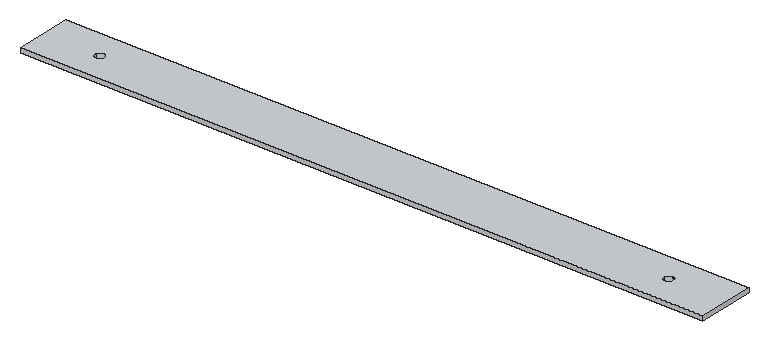
Revit family "JUV_57.0_DUA_UN_Beugel rechthoekig kanaal", category Duct Accessories, Revit 2025
Family settings
  Round Connector Dimension = Use Diameter
  Part Type = Attaches To
  Work Plane-Based = Yes
  Always vertical = No
  Cut with Voids When Loaded = No
  Shared = No
Parameters (values of type "400")
  kanaal_breedte [instance] = 400 mm
  Default Elevation = 1219.2 mm
Reference planes
  plane 1 "Center (Front/Back)": y = 0
  plane 2: z = 0
  plane 3 "Center (Left/Right)": x = 0
  plane 4: x = 300
  plane 5: x = -300
  plane 6: y = 25
  plane 7: y = -25
  plane 8: x = -200
  plane 9: x = 200
  plane 10: x = 250
  plane 11: x = -250
  plane 12: z = 4
  plane 13: z = 0
Forms (mm)
  Extrusion 1, solid
    sketch origin (0, 0, 0) x (1, 0, 0) y (0, 1, 0)
      loop
        line (-300, 25) -> (-300, -25) -> (300, -25) -> (300, 25) -> (-300, 25)
    from 0 to 4
  Extrusion 2, void
    sketch origin (0, 0, 0) x (1, 0, 0) y (0, 1, 0)
      loop
        circle (-250, 0) r 4
      loop
        circle (250, 0) r 4
    from 0 to 4
Cuts and joins
  Extrusion 2 cuts Extrusion 1
Dimensions and locks
  "kanaal_breedte": plane 8 to plane 9
  equal spacing: plane 8, plane 3 "Center (Left/Right)", plane 9
  plane 6 to plane 7 = 50 mm
  equal spacing: plane 6, plane 1 "Center (Front/Back)", plane 7
  equal spacing: plane 5, plane 11, plane 8, locked at 50 each
  equal spacing: plane 9, plane 10, plane 4, locked at 50 each
  locked: plane 12 to plane 13 at 4
  locked: plane 5 to plane 8 at 100
  locked: plane 9 to plane 4 at 100
  radius of Extrusion 2 sketch curve = 4 mm  (x2)
  aligned and locked: level to plane 2
  aligned and locked: Extrusion 1 sketch curve to plane 6
  aligned and locked: plane 5 to Extrusion 1 sketch curve
  aligned and locked: plane 7 to Extrusion 1 sketch curve
  aligned and locked: Extrusion 1 sketch curve to plane 4
  aligned and locked: plane 12 to Extrusion 1
  aligned and locked: Extrusion 1 to plane 13
  aligned and locked: plane 12 to Extrusion 2
  aligned and locked: Extrusion 2 to plane 13
Automatic sketch dimensions
  plane 1 "Center (Front/Back)" to Extrusion 2 sketch curve = 0 mm  (x2)
  Extrusion 2 sketch curve to plane 11 = 0 mm
  Extrusion 2 sketch curve to plane 10 = 0 mm
